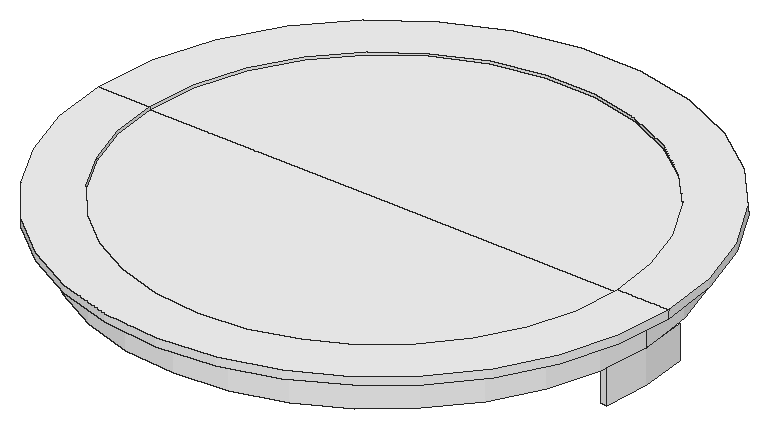
Revit family "0053976", category Lighting Fixtures, host Face, Revit 2017
Family settings
  Host = Face
  Round Connector Dimension = Use Diameter
  Part Type = Normal
  OmniClass Number = 23.80.70.11.14.11
  OmniClass Title = Downlights
  Cut with Voids When Loaded = No
  Light Source = Yes
  Shared = No
  Room Calculation Point = No
Parameters (values of type "0053976 SYLFLAT 205 IP44 1925LM 840 DIM ")
  Weight = "6.57 kg"
  Wattage Comments = "n/a"
  Wattage = 18 W
  WarrantyStartDate [instance] = "n/a"
  WarrantyGuarantorParts = "n/a"
  WarrantyDurationUnit = "year"
  WarrantyDurationParts = "n/a"
  WarrantyDescription = "n/a"
  built-in parameter 1150110 = 1 (stored number, unit not read)
  Voltage = 230 V
  URL = "http://www.sylvania-lighting.com"
  TypeName = "SYLFLAT 205 IP44 1925LM 840 DIM"
  Type Image = <None>
  Type Comments = "n/a"
  built-in parameter 1114217 = 1 (stored number, unit not read)
  Tilt Angle = -90.00°
  built-in parameter 1150109 = 1 (stored number, unit not read)
  built-in parameter 1150134 = 12
  built-in parameter 1150113 = 1 (stored number, unit not read)
  SpringMountStartAngle_FEILO = -SpringMountEndAngle_FEILO  # -10.00°
  SpringMountEndAngle_FEILO = 10.00°
  SerialNumber [instance] = "n/a"
  ReflectorMaterial = none
  RecessedHeight_FEILO = 26 mm
  RecessedDiameter_FEILO = 205 mm
  PowerFactor = 0
  PowerConsumption = "18 W"
  Photometric Web File = "0053976.ies"
  NominalLength = 222 mm
  NominalHeight = 26 mm
  NominalDepth = 222 mm
  Name = "SYLFLAT 205 IP44 1925LM 840 DIM"
  ModelReference = Name  # "SYLFLAT 205 IP44 1925LM 840 DIM"
  ModelNumber = "0053976"
  Model = Name  # "SYLFLAT 205 IP44 1925LM 840 DIM"
  Material = "Aluminium"
  ManufacturerName = "Feilo Sylvania"
  Manufacturer = "Feilo Sylvania"
  LuminousEfficacy = "106.9 lm/W"
  built-in parameter 1150105 = 153.19 (stored number, unit not read)
  Lumens = 1925 lm
  LuminaireType = "LED recessed downlight"
  built-in parameter 1150115 = 1 (stored number, unit not read)
  LightOutputRatio = "1"
  built-in parameter 1150137 = (empty or 0)
  built-in parameter 1150139 = (empty or 0)
  LampsType = Lamp  # "LED"
  LampNominalLuminous = "1925 lm"
  LampMacAdamStep = "n/a"
  LampColourTemperature = "4000 K"
  LampColourRenderingIndex = "80"
  built-in parameter 1150112 = 1 (stored number, unit not read)
  built-in parameter 1150114 = 1 (stored number, unit not read)
  Lamp = "LED"
  Keynote = "16500"
  InstallationDate [instance] = "n/a"
  InputVoltage = "220-240V~"
  InputNominalFrequency = "50/60 Hz"
  built-in parameter 1150132 = (empty or 0)
  built-in parameter 1150102 = (empty or 0)
  built-in parameter 1150107 = 4000 (stored number, unit not read)
  built-in parameter 1150138 = (empty or 0)
  IngressProtection = "IP44"
  ImpactProtectionIndex = "IK06"
  built-in parameter 1150106 = 1.5319 (stored number, unit not read)
  IfcExportType = "IfcLightFixtureType"
  IfcExportAs = "IfcLightFixtureType"
  ExpectedLife = 50000
  Emit from Circle Diameter = 182 mm
  Emit Shape Visible in Rendering = no
  ElectricShockClassification = "Class II"
  built-in parameter 1150104 = 9.9355 (stored number, unit not read)
  DurationUnit = "hours"
  DocumentationLiterature = "http://www.sylvania-lighting.com/product/en-int/products/0053976"
  DimmingControlOptions = "Dimmable"
  Dimming Lamp Color Temperature Shift = <None>
  DiffuserMaterial = Diffuser-Sylvania-Glow
  Description = "Integrated LED recessed downlight providing 1790 fixture lumens at a wattage of 18W giving a high efficacy of 99lm/W. Fitting includes Leading/Trailing edge phase dimmable driver and has a round ceiling cut out of 205mm with an IP20 and IK02 rating providing uniform distribution with an Opal diffuser and 110° beam angle. Provided including a Loop in Loop out box and built Built white aluminium housing."
  Default Elevation = 1219.2 mm
  CutoutHeight_FEILO = RecessedHeight_FEILO + 10 mm  # 36 mm
  CreatedOn = "03-11-2017"
  CreatedBy = "aron.fodor@feilosylvania.com"
  Cost = 0
  Color Filter = 16777215
  built-in parameter 1114216 [instance] = (empty or 0)
  ClassificationValue = "EF_70_80"
  ClassificationName = "Uniclass2015"
  BodyWidth_FEILO = 222 mm
  BodyMaterial = Body-Sylvania-SylFlatDimmable-White
  BodyLength_FEILO = 222 mm
  BodyHeight_FEILO = 13 mm
  BarCode [instance] = "n/a"
  built-in parameter 1114218 = 1 (stored number, unit not read)
  built-in parameter 1150133 = 10 (stored number, unit not read)
  AssetType = "Fixed"
  AssetIdentifier [instance] = "n/a"
  Assembly Code = "D5020200"
  Apparent Load = 18 VA
  AccessoryMaterial = Diffuser-Sylvania-Glow
Reference planes
  plane 1 "Center (Front/Back)": y = 0
  plane 2: z = 0
  plane 3 "Center (Left/Right)": x = 0
  plane 4: x = 111
  plane 5: x = -111
  plane 6: y = 111
  plane 7: y = -111
  plane 8: z = 3
  plane 9: z = -26
  plane 10: x = 102.5
  plane 11: x = -102.5
  plane 12: y = 102.5
  plane 13: y = -102.5
  plane 14: z = 2
  plane 15: x = -91
  plane 16: z = -13
  plane 17: x = -100
  plane 18: x = 100
  plane 19: z = -36
Forms (mm)
  Revolve 1, solid, material "Body-Sylvania-SylFlatDimmable-White" <- "BodyMaterial"
    sketch origin (0, 0, 0) x (1, 0, 0) y (0, 0, 1)
      loop
        line (0, -13) -> (0, 2) -> (-91, 2) -> (-91, 3) -> (-111, 3) -> (-111, 0) -> (-102.5, 0) -> (-102.5, -13) -> (0, -13)
      axis (0, 3) -> (0, -13)
    angle from 360 to 0
  Revolve 2, solid, material "Body-Sylvania-SylFlatDimmable-White" <- "BodyMaterial"
    sketch origin (0.654, 0, 0) x (1, 0, 0) y (0, 0, 1)
      loop
        line (-103.154, -13) -> (-103.154, -26) -> (-100.654, -26) -> (-100.654, -13) -> (-103.154, -13)
      axis (-0.654, -13) -> (-0.654, -26)
    angle from -10 <- "SpringMountStartAngle_FEILO" to 10 <- "SpringMountEndAngle_FEILO"
  Revolve 3, solid, material "Body-Sylvania-SylFlatDimmable-White" <- "BodyMaterial"
    sketch origin (0, 0, 0) x (1, 0, 0) y (0, 0, 1)
      loop
        line (102.5, -13) -> (100, -13) -> (100, -26) -> (102.5, -26) -> (102.5, -13)
      axis (0, -13) -> (0, -26)
    angle from -10 <- "SpringMountStartAngle_FEILO" to 10 <- "SpringMountEndAngle_FEILO"
  Revolve 4, void
    sketch origin (0, 0, 0) x (1, 0, 0) y (0, 0, 1)
      loop
        line (0, 0) -> (-102.5, 0) -> (-102.5, -36) -> (0, -36) -> (0, 0)
      axis (0, 0) -> (0, -36)
    angle from 360 to 0
Cuts and joins
  joined: Revolve 1, Revolve 2, Revolve 3
Dimensions and locks
  equal spacing: plane 5, plane 3 "Center (Left/Right)", plane 4
  equal spacing: plane 7, plane 1 "Center (Front/Back)", plane 6
  "BodyWidth_FEILO": plane 7 to plane 6
  "BodyLength_FEILO": plane 5 to plane 4
  "RecessedHeight_FEILO": plane 2 to plane 9
  locked: plane 8 to plane 2 at 3
  equal spacing: plane 11, plane 3 "Center (Left/Right)", plane 10
  "RecessedDiameter_FEILO": plane 11 to plane 10
  equal spacing: plane 13, plane 1 "Center (Front/Back)", plane 12
  "RecessedDiameter_FEILO": plane 13 to plane 12
  locked: plane 14 to plane 2 at 2
  locked: plane 15 to plane 5 at 20
  "BodyHeight_FEILO": plane 2 to plane 16
  equal spacing: plane 18, plane 3 "Center (Left/Right)", plane 17
  locked: plane 17 to plane 11 at 2.5
  "CutoutHeight_FEILO": plane 2 to plane 19
  aligned and locked: plane 2 to host face
  aligned and locked: level to host face
  aligned and locked: plane 3 "Center (Left/Right)" to Revolve 1 sketch curve
  aligned and locked: Revolve 1 sketch curve to plane 14
  aligned and locked: plane 15 to Revolve 1 sketch curve
  aligned and locked: Revolve 1 sketch curve to plane 8
  aligned and locked: Revolve 1 sketch curve to plane 5
  aligned and locked: Revolve 1 sketch curve to plane 11
  aligned and locked: Revolve 1 sketch curve to plane 3 "Center (Left/Right)"
  aligned and locked: Revolve 1 sketch curve to level
  aligned and locked: plane 16 to Revolve 1 sketch curve
  aligned and locked: Revolve 2 sketch curve to Revolve 1  (x2)
  aligned and locked: Revolve 2 sketch curve to plane 9
  aligned and locked: Revolve 2 sketch curve to plane 17
  aligned and locked: Revolve 2 sketch curve to plane 3 "Center (Left/Right)"
  aligned and locked: Revolve 3 sketch curve to plane 3 "Center (Left/Right)"
  aligned and locked: Revolve 3 sketch curve to Revolve 1  (x2)
  aligned and locked: plane 9 to Revolve 3 sketch curve
  aligned and locked: Revolve 3 sketch curve to plane 18
  aligned and locked: Revolve 4 sketch curve to plane 3 "Center (Left/Right)"
  aligned and locked: plane 19 to Revolve 4 sketch curve
  aligned and locked: plane 3 "Center (Left/Right)" to Revolve 4 sketch curve
  aligned and locked: Revolve 4 sketch curve to plane 11
  aligned and locked: level to Revolve 4 sketch curve
  aligned and locked: imposter light to plane 14
  aligned and locked: plane 3 "Center (Left/Right)" to imposter light
  aligned and locked: imposter light to plane 1 "Center (Front/Back)"
Automatic sketch dimensions
  host sketch curve to host sketch curve = 2438.4 mm  (x2)
  plane 9 to Revolve 1 sketch curve = 587.6 mm
  Revolve 1 sketch curve to plane 8 = 2606.058 mm
  plane 9 to Revolve 2 sketch curve = 587.6 mm
  Revolve 2 sketch curve to plane 8 = 2606.058 mm
  plane 9 to Revolve 3 sketch curve = 587.6 mm
  Revolve 3 sketch curve to plane 8 = 2606.058 mm
  plane 19 to Revolve 4 sketch curve = 577.6 mm
  Revolve 4 sketch curve to plane 8 = 2606.058 mm
Connectors
  electrical at (0, 0, 0), driven by "Apparent Load", driven by "PowerFactor", driven by "Voltage"
    settings: index 1, voltage 230 V, apparent load 18 VA, apparent load phase1 0 VA, apparent load phase2 0 VA, apparent load phase3 0 VA, power factor 0, load classification "Lighting", number of poles 1, system type 30, power factor state 1, is connector primary yes, connector utility no, sub classification motor no, connector description ""
